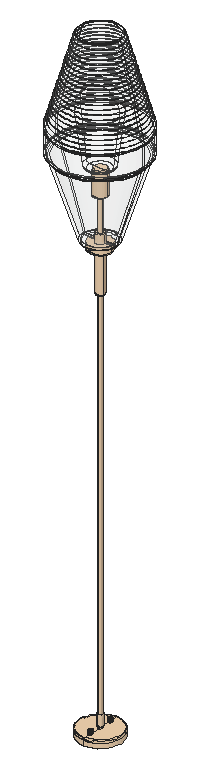
Revit family "Light_Fixture-Pendant-KOHLER-Simplice-K-42195_1", category Lighting Fixtures, host Face, Revit 2021
Family settings
  Host = Face
  Round Connector Dimension = Use Diameter
  Part Type = Normal
  OmniClass Number = 23.35.47.00
  Cut with Voids When Loaded = No
  Light Source = Yes
  Shared = No
  Room Calculation Point = No
Parameters (values of type "2GL-Brushed Modern Brass")
  Width = 10"  # constant formula
  Wattage Comments = "60W"  # constant formula
  Wattage = 60 W
  WaterSense Certified = 1 = 0  # no
  built-in parameter 1150110 = 1 (stored number, unit not read)
  Voltage = 120 V  # constant formula
  URL = "https://www.us.kohler.com/us/"
  Type = 1
  Tube Height [instance] = Height - 26.25984"  # 44.44882"
  built-in parameter 1114217 = 1 (stored number, unit not read)
  built-in parameter 1150109 = 1 (stored number, unit not read)
  built-in parameter 1150134 = 1
  built-in parameter 1150113 = 1 (stored number, unit not read)
  Product Page URL = "http://www.us.kohler.com/us/catalog/productDetails.jsp?productNumber=42195-PE01"
  Product Name = "Simplice\r\n"  # constant formula
  Product Documentation Link = "https://www.us.kohler.com/webassets/kpna/catalog/pdf/en/K-42195-PE01_spec_US-CA_Kohler_en.pdf"
  Model = if(Type = 1, "K-42195-PE01-2GL", if(Type = 2, "K-42195-PE01-BLL", if(Type = 3, "K-42195-PE01-BNL", if(Type = 4, "K-42195-PE01-CPL", "NA"))))  # "K-42195-PE01-2GL"
  Material = "Premium Metal Construction\r\n"  # constant formula
  Master Format 2014 Name = "Interior Lighting Fixtures, Lamps, And Ballasts"  # constant formula
  Master Format 2014 = "26 51 13"  # constant formula
  Manufacturer Address = "444 Highland Dr, Kohler, WI 53044"  # constant formula
  Manufacturer = "Kohler Co."  # constant formula
  built-in parameter 1150105 = 95.493 (stored number, unit not read)
  Lumens = 1200 lm
  built-in parameter 1150115 = 1 (stored number, unit not read)
  Light Source Symbol Size = 3.93701"  # constant formula
  built-in parameter 1150137 = (empty or 0)
  built-in parameter 1150139 = (empty or 0)
  Length = 10"  # constant formula
  built-in parameter 1150112 = 1 (stored number, unit not read)
  built-in parameter 1150114 = 1 (stored number, unit not read)
  Lamp = "E26, 60W"  # constant formula
  built-in parameter 1150132 = (empty or 0)
  built-in parameter 1150102 = (empty or 0)
  built-in parameter 1150107 = 6500 (stored number, unit not read)
  built-in parameter 1150138 = (empty or 0)
  built-in parameter 1150106 = 0.95493 (stored number, unit not read)
  Height [instance] = 70.70866"
  Hardware Included = 0 = 1  # no
  Finish = KOHLER-Metal-2GL-Brushed_Modern_Brass
  Environmental Product Declaration = ""
  Emit from Line Length = 7.87402"
  Electrical Note = "One circuit required"  # constant formula
  Electrical Connector = 1 = 1  # yes
  built-in parameter 1150104 = 1.8581 (stored number, unit not read)
  Dimming Lamp Color Temperature Shift = Incandescent Lamp Curve
  Description = "DIAMOND TEXTURE CLEAR MINI"  # constant formula
  Default Elevation = 0"
  Declare Label = ""
  Date Modified = "03/10/2024"  # constant formula
  Date Created = "03/10/2024"  # constant formula
  Copyright = "Copyright Kohler Co."  # constant formula
  Contact Us = "https://www.us.kohler.com/us/static/contact.jsp"
  Color Filter = 16777215
  built-in parameter 1114218 = 1 (stored number, unit not read)
  built-in parameter 1150133 = 10 (stored number, unit not read)
  Assembly Code = "D5040.50"
  Apparent Load = 60 VA  # constant formula
  ADA Compliant = 1 = 0  # no
Reference planes (in)
  plane 1 "Center (Front/Back)": y = 0
  plane 2: z = 0
  plane 3 "Center (Left/Right)": x = 0
  plane 4: y = 2.3622
  plane 5: y = -2.3622
  plane 6: y = 3
  plane 7: y = 1.49606
  plane 8: y = -1.49606
  plane 9: y = -3
  plane 10: z = 62.06024
  plane 11: x = -2.3622
  plane 12: x = 2.3622
  plane 13: x = -5
  plane 14: x = 5
  plane 15: z = 70.70866
  plane 16: z = 44.44882
  plane 17: z = 49.70866
  plane 18: z = 48.96063
  plane 19: z = 62.06024
  plane 20: y = -5
  plane 21: y = 5
  plane 22: y = 0.24409
  plane 23: y = -0.24409
  plane 24: x = -0.25
  plane 25: x = 0.25
  plane 26: z = 0.7874
Dimensions and locks (in)
  plane 5 to plane 4 = 4.72441"
  plane 15 to plane 16 = 26.25984"
  plane 15 to plane 18 = 21.74803"
  plane 15 to plane 17 = 21"
  plane 15 to plane 19 = 8 83/128"
  "Length": plane 20 to plane 21
  "Width": plane 13 to plane 14
  "Tube Height": plane 16 to level
  "Height": plane 15 to level
  plane 24 to plane 25 = 1/2"
  plane 26 to level = 0.7874"
  aligned and locked: plane 2 to host face
  aligned and locked: level to host face
  aligned and locked: nested 1 to host face
  aligned and locked: nested 1 to plane 16
  aligned and locked: nested 2 to plane 16
  aligned and locked: plane 15 to nested 2
  aligned and locked: plane 10 to plane 19
  aligned and locked: plane 22 to nested 1
  aligned and locked: plane 19 to imposter light
Automatic sketch dimensions
  host sketch curve to host sketch curve = 96"  (x2)
Nested families (in)
  nested 1: "K-42195_Tube" at (0, 0, 0), type "K-42195_Tube"
  nested 2: "K-42195" at (0, 8.60801, 44.44882), type "K-42195"
Connectors (in)
  electrical at (0, 0, 0), driven by "Voltage", driven by "Apparent Load", driven by "Electrical Connector", driven by "Electrical Note"
    settings: on nested 1, index 1, voltage 120 V, apparent load 60 VA, apparent load phase1 0 VA, apparent load phase2 0 VA, apparent load phase3 0 VA, power factor 1, load classification "Lighting", number of poles 1, system type 30, power factor state 1, is connector primary yes, connector utility yes, sub classification motor no, connector description "One circuit required"
Definition of nested family "K-42195_Tube"
  Parameters (values of type "K-42195_Tube")
    Tube Height = 44.44882"
    Material = none
    Default Elevation = 0"
  Reference planes (in)
    plane 1 "Light Source Axis (F/B)": y = 0
    plane 2: z = 0
    plane 3 "Light Source Axis (L/R)": x = 0
    plane 4 "Light Source Elevation": z = 54
    plane 5: y = 2.3622
    plane 6: x = -2.3622
    plane 7: z = 0.7874
    plane 8: z = 56.9815
    plane 9: z = 44.44882
    plane 10: y = 1.9685
    plane 11: y = -1.9685
    plane 12: y = 1.37795
    plane 13: y = -1.37795
    plane 14: x = -1.37795
    plane 15: z = 0
    plane 16: x = 2.3622
    plane 17: y = -2.5
    plane 18: y = -2.3622
    plane 19: x = -0.25
    plane 20: x = 0.25
    plane 21: y = 0.24409
    plane 22: y = -0.24409
  Forms (in)
    Revolve 1, solid, material <- "Material"
      sketch origin (0, 0, 0) x (0, 1, 0) y (0, 0, 1)
        loop
          line (0, 0) -> (2.3622, 0) -> (2.3622, 0.5315) -> (2.3622, 0.72835)
          arc (2.3622, 0.72835) -> (2.34491, 0.7701) -> (2.30315, 0.7874) r 0.05906
          line (2.30315, 0.7874) -> (0.23622, 0.7874) -> (0.18701, 0.7874) -> (0.18701, 0.91113)
          arc (0.18701, 0.91113) -> (0.26507, 0.96297) -> (0.29528, 1.05168) r 0.14537
          line (0.29528, 1.05168) -> (0.29528, 2.16978) -> (0, 2.16978) -> (0, 0.91113) -> (0, 0.7874) -> (0, 0)
        axis (0, 0) -> (0, 2.16978)
      angle from 0 to 360
    Revolve 2, solid, material <- "Material", detail levels medium+fine
      sketch origin (0, 0, 0) x (0, 1, 0) y (0, 0, 1)
        loop
          line (1.37795, 0.7874) -> (1.57426, 0.7874) -> (1.57426, 1.13179) -> (1.37795, 1.13179) -> (1.37795, 0.7874)
        axis (1.37795, 0.7874) -> (1.37795, 1.13179)
      angle from 0 to 360
    Revolve 3, solid, material <- "Material"
      sketch origin (0, 0, 0) x (0, 1, 0) y (0, 0, 1)
        loop
          line (0, 2.11995) -> (0.18403, 2.11995) -> (0.18403, 44.44882) -> (0, 44.44882) -> (0, 2.11995)
        axis (0, 2.11995) -> (0, 44.44882)
      angle from 0 to 360
    Revolve 4, solid, material <- "Material", detail levels coarse
      sketch origin (0, 0, 0) x (0, 1, 0) y (0, 0, 1)
        loop
          line (1.37795, 0.74878) -> (1.5748, 0.74878) -> (1.5748, 1.13379) -> (1.37795, 1.13379) -> (1.37795, 0.74878)
        axis (1.37795, 0.74878) -> (1.37795, 1.13379)
      angle from 0 to 360
    Revolve 5, solid, material <- "Material", detail levels coarse
      sketch origin (0, 0, 0) x (0, 1, 0) y (0, 0, 1)
        loop
          line (-1.37795, 1.14722) -> (-1.37795, 0.7874) -> (-1.1811, 0.7874) -> (-1.1811, 1.14722) -> (-1.37795, 1.14722)
        axis (-1.37795, 0.7874) -> (-1.37795, 1.14722)
      angle from 0 to 360
    Extrusion 6, void
      sketch origin (0, 0, 0) x (1, 0, 0) y (0, 1, 0)
        loop
          line (-0.01207, 1.57389) -> (0, 1.54539) -> (0.01207, 1.57389) -> (0.01207, 1.63089) -> (-0.01207, 1.57389)
      from 0.76683 to 1.41914
    Extrusion 7, void
      sketch origin (-0.37982, 0.05338, 0) x (0.961262, -0.275637, 0) y (0.275637, 0.961262, 0)
        loop
          line (-0.01207, 1.57389) -> (0, 1.54539) -> (0.01207, 1.57389) -> (0.01207, 1.63089) -> (-0.01207, 1.57389)
      from 0.7874 to 1.41914
    Extrusion 8, void
      sketch origin (-0.70252, 0.19253, 0) x (0.860276, -0.509829, 0) y (0.509829, 0.860276, 0)
        loop
          line (-0.01207, 1.57389) -> (0, 1.54539) -> (0.01207, 1.57389) -> (0.01207, 1.63089) -> (-0.01207, 1.57389)
      from 0.76683 to 1.41914
    Extrusion 9, void
      sketch origin (-1.00205, 0.4321, 0) x (0.686422, -0.727203, 0) y (0.727203, 0.686422, 0)
        loop
          line (-0.01207, 1.57389) -> (0, 1.54539) -> (0.01207, 1.57389) -> (0.01207, 1.63089) -> (-0.01207, 1.57389)
      from 0.76683 to 1.41914
    Extrusion 10, void
      sketch origin (-1.20731, 0.71376, 0) x (0.482017, -0.876162, 0) y (0.876162, 0.482017, 0)
        loop
          line (-0.01207, 1.57389) -> (0, 1.54539) -> (0.01207, 1.57389) -> (0.01207, 1.63089) -> (-0.01207, 1.57389)
      from 0.73506 to 1.41914
    Extrusion 11, void
      sketch origin (-1.34362, 1.07227, 0) x (0.221841, -0.975083, 0) y (0.975083, 0.221841, 0)
        loop
          line (-0.01207, 1.57389) -> (0, 1.54539) -> (0.01207, 1.57389) -> (0.01207, 1.63089) -> (-0.01207, 1.57389)
      from 0.73506 to 1.41914
    Extrusion 12, void
      sketch origin (-1.37725, 1.42208, 0) x (-0.032025, -0.999487, 0) y (0.999487, -0.032025, 0)
        loop
          line (-0.01207, 1.57389) -> (0, 1.54539) -> (0.01207, 1.57389) -> (0.01207, 1.63089) -> (-0.01207, 1.57389)
      from 0.76683 to 1.41914
    Extrusion 13, void
      sketch origin (-1.31173, 1.79999, 0) x (-0.306281, -0.951941, 0) y (0.951941, -0.306281, 0)
        loop
          line (-0.01207, 1.57389) -> (0, 1.54539) -> (0.01207, 1.57389) -> (0.01207, 1.63089) -> (-0.01207, 1.57389)
      from 0.7874 to 1.41914
    Extrusion 14, void
      sketch origin (-1.11101, 2.19307, 0) x (-0.591539, -0.806276, 0) y (0.806276, -0.591539, 0)
        loop
          line (-0.01207, 1.57389) -> (0, 1.54539) -> (0.01207, 1.57389) -> (0.01207, 1.63089) -> (-0.01207, 1.57389)
      from 0.7874 to 1.41914
    Extrusion 15, void
      sketch origin (-0.8433, 2.46773, 0) x (-0.790864, -0.611992, 0) y (0.611992, -0.790864, 0)
        loop
          line (-0.01207, 1.57389) -> (0, 1.54539) -> (0.01207, 1.57389) -> (0.01207, 1.63089) -> (-0.01207, 1.57389)
      from 0.73506 to 1.41914
    Extrusion 16, void
      sketch origin (-0.54021, 2.6456, 0) x (-0.91995, -0.392037, 0) y (0.392037, -0.91995, 0)
        loop
          line (-0.01207, 1.57389) -> (0, 1.54539) -> (0.01207, 1.57389) -> (0.01207, 1.63089) -> (-0.01207, 1.57389)
      from 0.7874 to 1.41914
    Extrusion 17, void
      sketch origin (-0.16987, 2.74539, 0) x (-0.992372, -0.123277, 0) y (0.123277, -0.992372, 0)
        loop
          line (-0.01207, 1.57389) -> (0, 1.54539) -> (0.01207, 1.57389) -> (0.01207, 1.63089) -> (-0.01207, 1.57389)
      from 0.76683 to 1.41914
    Extrusion 18, void
      sketch origin (0.17864, 2.74428, 0) x (-0.99156, 0.129645, 0) y (-0.129645, -0.99156, 0)
        loop
          line (-0.01207, 1.57389) -> (0, 1.54539) -> (0.01207, 1.57389) -> (0.01207, 1.63089) -> (-0.01207, 1.57389)
      from 0.76683 to 1.41914
    Extrusion 19, void
      sketch origin (0.54833, 2.64211, 0) x (-0.917414, 0.397934, 0) y (-0.397934, -0.917414, 0)
        loop
          line (-0.01207, 1.57389) -> (0, 1.54539) -> (0.01207, 1.57389) -> (0.01207, 1.63089) -> (-0.01207, 1.57389)
      from 0.7874 to 1.41914
    Extrusion 20, void
      sketch origin (1.11622, 2.18592, 0) x (-0.586351, 0.810057, 0) y (-0.810057, -0.586351, 0)
        loop
          line (-0.01207, 1.57389) -> (0, 1.54539) -> (0.01207, 1.57389) -> (0.01207, 1.63089) -> (-0.01207, 1.57389)
      from 0.6758 to 1.41914
    Extrusion 21, void
      sketch origin (1.28186, 1.88352, 0) x (-0.366895, 0.930262, 0) y (-0.930262, -0.366895, 0)
        loop
          line (-0.01207, 1.57389) -> (0, 1.54539) -> (0.01207, 1.57389) -> (0.01207, 1.63089) -> (-0.01207, 1.57389)
      from 0.7874 to 1.41914
    Extrusion 22, void
      sketch origin (1.37155, 1.5106, 0) x (-0.096267, 0.995355, 0) y (-0.995355, -0.096267, 0)
        loop
          line (-0.01207, 1.57389) -> (0, 1.54539) -> (0.01207, 1.57389) -> (0.01207, 1.63089) -> (-0.01207, 1.57389)
      from 0.73506 to 1.41914
    Extrusion 23, void
      sketch origin (1.3605, 1.15935, 0) x (0.158643, 0.987336, 0) y (-0.987336, 0.158643, 0)
        loop
          line (-0.01207, 1.57389) -> (0, 1.54539) -> (0.01207, 1.57389) -> (0.01207, 1.63089) -> (-0.01207, 1.57389)
      from 0.75395 to 1.41914
    Extrusion 24, void
      sketch origin (1.24754, 0.79281, 0) x (0.424644, 0.90536, 0) y (-0.90536, 0.424644, 0)
        loop
          line (-0.01207, 1.57389) -> (0, 1.54539) -> (0.01207, 1.57389) -> (0.01207, 1.63089) -> (-0.01207, 1.57389)
      from 0.75395 to 1.41914
    Extrusion 25, void
      sketch origin (1.06083, 0.49853, 0) x (0.638211, 0.769862, 0) y (-0.769862, 0.638211, 0)
        loop
          line (-0.01207, 1.57389) -> (0, 1.54539) -> (0.01207, 1.57389) -> (0.01207, 1.63089) -> (-0.01207, 1.57389)
      from 0.7874 to 1.41914
    Extrusion 26, void
      sketch origin (0.77734, 0.24019, 0) x (0.82569, 0.564124, 0) y (-0.564124, 0.82569, 0)
        loop
          line (-0.01207, 1.57389) -> (0, 1.54539) -> (0.01207, 1.57389) -> (0.01207, 1.63089) -> (-0.01207, 1.57389)
      from 0.76683 to 1.41914
    Extrusion 27, void
      sketch origin (0.46425, 0.08056, 0) x (0.941535, 0.336915, 0) y (-0.336915, 0.941535, 0)
        loop
          line (-0.01207, 1.57389) -> (0, 1.54539) -> (0.01207, 1.57389) -> (0.01207, 1.63089) -> (-0.01207, 1.57389)
      from 0.69033 to 1.41914
    Revolve 28, solid, material <- "Material", detail levels medium+fine
      sketch origin (0, 0, 0) x (0, -1, 0) y (0, 0, -1)
        loop
          line (1.37795, -0.7874) -> (1.37795, -1.14022) -> (1.57426, -1.14022) -> (1.57426, -0.7874) -> (1.37795, -0.7874)
        axis (1.37795, -0.7874) -> (1.37795, -1.14022)
      angle from 0 to 360
    Extrusion 29, void
      sketch origin (0, 0, 0) x (1, 0, 0) y (0, 1, 0)
        loop
          line (-0.01207, -1.57389) -> (0.01207, -1.63089) -> (0.01207, -1.57389) -> (0, -1.54539) -> (-0.01207, -1.57389)
      from 0.76895 to 1.41914
    Extrusion 30, void
      sketch origin (-0.37982, -0.05338, 0) x (0.961262, 0.275637, 0) y (-0.275637, 0.961262, 0)
        loop
          line (-0.01207, -1.57389) -> (0.01207, -1.63089) -> (0.01207, -1.57389) -> (0, -1.54539) -> (-0.01207, -1.57389)
      from 0.7874 to 1.41914
    Extrusion 31, void
      sketch origin (-0.70252, -0.19253, 0) x (0.860276, 0.509829, 0) y (-0.509829, 0.860276, 0)
        loop
          line (-0.01207, -1.57389) -> (0.01207, -1.63089) -> (0.01207, -1.57389) -> (0, -1.54539) -> (-0.01207, -1.57389)
      from 0.74709 to 1.41914
    Extrusion 32, void
      sketch origin (-1.00205, -0.4321, 0) x (0.686422, 0.727203, 0) y (-0.727203, 0.686422, 0)
        loop
          line (-0.01207, -1.57389) -> (0.01207, -1.63089) -> (0.01207, -1.57389) -> (0, -1.54539) -> (-0.01207, -1.57389)
      from 0.7874 to 1.41914
    Extrusion 33, void
      sketch origin (-1.20731, -0.71376, 0) x (0.482017, 0.876162, 0) y (-0.876162, 0.482017, 0)
        loop
          line (-0.01207, -1.57389) -> (0.01207, -1.63089) -> (0.01207, -1.57389) -> (0, -1.54539) -> (-0.01207, -1.57389)
      from 0.77018 to 1.41914
    Extrusion 34, void
      sketch origin (-1.34362, -1.07227, 0) x (0.221841, 0.975083, 0) y (-0.975083, 0.221841, 0)
        loop
          line (-0.01207, -1.57389) -> (0.01207, -1.63089) -> (0.01207, -1.57389) -> (0, -1.54539) -> (-0.01207, -1.57389)
      from 0.7874 to 1.41914
    Extrusion 35, void
      sketch origin (-1.37725, -1.42208, 0) x (-0.032025, 0.999487, 0) y (-0.999487, -0.032025, 0)
        loop
          line (-0.01207, -1.57389) -> (0.01207, -1.63089) -> (0.01207, -1.57389) -> (0, -1.54539) -> (-0.01207, -1.57389)
      from 0.7874 to 1.41914
    Extrusion 36, void
      sketch origin (-1.31173, -1.79999, 0) x (-0.306281, 0.951941, 0) y (-0.951941, -0.306281, 0)
        loop
          line (-0.01207, -1.57389) -> (0.01207, -1.63089) -> (0.01207, -1.57389) -> (0, -1.54539) -> (-0.01207, -1.57389)
      from 0.7874 to 1.41914
    Extrusion 37, void
      sketch origin (-1.11101, -2.19307, 0) x (-0.591539, 0.806276, 0) y (-0.806276, -0.591539, 0)
        loop
          line (-0.01207, -1.57389) -> (0.01207, -1.63089) -> (0.01207, -1.57389) -> (0, -1.54539) -> (-0.01207, -1.57389)
      from 0.77018 to 1.41914
    Extrusion 38, void
      sketch origin (-0.8433, -2.46773, 0) x (-0.790864, 0.611992, 0) y (-0.611992, -0.790864, 0)
        loop
          line (-0.01207, -1.57389) -> (0.01207, -1.63089) -> (0.01207, -1.57389) -> (0, -1.54539) -> (-0.01207, -1.57389)
      from 0.7874 to 1.41914
    Extrusion 39, void
      sketch origin (-0.54021, -2.6456, 0) x (-0.91995, 0.392037, 0) y (-0.392037, -0.91995, 0)
        loop
          line (-0.01207, -1.57389) -> (0.01207, -1.63089) -> (0.01207, -1.57389) -> (0, -1.54539) -> (-0.01207, -1.57389)
      from 0.7874 to 1.41914
    Extrusion 40, void
      sketch origin (-0.16987, -2.74539, 0) x (-0.992372, 0.123277, 0) y (-0.123277, -0.992372, 0)
        loop
          line (-0.01207, -1.57389) -> (0.01207, -1.63089) -> (0.01207, -1.57389) -> (0, -1.54539) -> (-0.01207, -1.57389)
      from 0.76895 to 1.41914
    Extrusion 41, void
      sketch origin (0.17864, -2.74428, 0) x (-0.99156, -0.129645, 0) y (0.129645, -0.99156, 0)
        loop
          line (-0.01207, -1.57389) -> (0.01207, -1.63089) -> (0.01207, -1.57389) -> (0, -1.54539) -> (-0.01207, -1.57389)
      from 0.7874 to 1.41914
    Extrusion 42, void
      sketch origin (0.54833, -2.64211, 0) x (-0.917414, -0.397934, 0) y (0.397934, -0.917414, 0)
        loop
          line (-0.01207, -1.57389) -> (0.01207, -1.63089) -> (0.01207, -1.57389) -> (0, -1.54539) -> (-0.01207, -1.57389)
      from 0.77018 to 1.41914
    Extrusion 43, void
      sketch origin (0.85027, -2.46229, 0) x (-0.786919, -0.617057, 0) y (0.617057, -0.786919, 0)
        loop
          line (-0.01207, -1.57389) -> (0.01207, -1.63089) -> (0.01207, -1.57389) -> (0, -1.54539) -> (-0.01207, -1.57389)
      from 0.74709 to 1.41914
    Extrusion 44, void
      sketch origin (1.11622, -2.18592, 0) x (-0.586351, -0.810057, 0) y (0.810057, -0.586351, 0)
        loop
          line (-0.01207, -1.57389) -> (0.01207, -1.63089) -> (0.01207, -1.57389) -> (0, -1.54539) -> (-0.01207, -1.57389)
      from 0.74709 to 1.41914
    Extrusion 45, void
      sketch origin (1.28186, -1.88352, 0) x (-0.366895, -0.930262, 0) y (0.930262, -0.366895, 0)
        loop
          line (-0.01207, -1.57389) -> (0.01207, -1.63089) -> (0.01207, -1.57389) -> (0, -1.54539) -> (-0.01207, -1.57389)
      from 0.7874 to 1.41914
    Extrusion 46, void
      sketch origin (1.37155, -1.5106, 0) x (-0.096267, -0.995355, 0) y (0.995355, -0.096267, 0)
        loop
          line (-0.01207, -1.57389) -> (0.01207, -1.63089) -> (0.01207, -1.57389) -> (0, -1.54539) -> (-0.01207, -1.57389)
      from 0.7874 to 1.41914
    Extrusion 47, void
      sketch origin (1.3605, -1.15935, 0) x (0.158643, -0.987336, 0) y (0.987336, 0.158643, 0)
        loop
          line (-0.01207, -1.57389) -> (0.01207, -1.63089) -> (0.01207, -1.57389) -> (0, -1.54539) -> (-0.01207, -1.57389)
      from 0.7874 to 1.41914
    Extrusion 48, void
      sketch origin (1.24754, -0.79281, 0) x (0.424644, -0.90536, 0) y (0.90536, 0.424644, 0)
        loop
          line (-0.01207, -1.57389) -> (0.01207, -1.63089) -> (0.01207, -1.57389) -> (0, -1.54539) -> (-0.01207, -1.57389)
      from 0.7874 to 1.41914
    Extrusion 49, void
      sketch origin (1.06083, -0.49853, 0) x (0.638211, -0.769862, 0) y (0.769862, 0.638211, 0)
        loop
          line (-0.01207, -1.57389) -> (0.01207, -1.63089) -> (0.01207, -1.57389) -> (0, -1.54539) -> (-0.01207, -1.57389)
      from 0.7874 to 1.41914
    Extrusion 50, void
      sketch origin (0.77734, -0.24019, 0) x (0.82569, -0.564124, 0) y (0.564124, 0.82569, 0)
        loop
          line (-0.01207, -1.57389) -> (0.01207, -1.63089) -> (0.01207, -1.57389) -> (0, -1.54539) -> (-0.01207, -1.57389)
      from 0.7874 to 1.41914
    Extrusion 51, void
      sketch origin (0.46425, -0.08056, 0) x (0.941535, -0.336915, 0) y (0.336915, 0.941535, 0)
        loop
          line (-0.01207, -1.57389) -> (0.01207, -1.63089) -> (0.01207, -1.57389) -> (0, -1.54539) -> (-0.01207, -1.57389)
      from 0.7874 to 1.41914
    Extrusion 52, solid, material <- "Material", detail levels medium+fine
      sketch origin (0, 0, 0) x (1, 0, 0) y (0, 1, 0)
        loop
          circle (0, 0) r 0.18403
      from 0 to 0.21698
  Cuts and joins
    Extrusion 6, Extrusion 7, Extrusion 8, Extrusion 9, Extrusion 10, Extrusion 11, Extrusion 12, Extrusion 13, Extrusion 14, Extrusion 15, Extrusion 16, Extrusion 17, Extrusion 18, Extrusion 19, Extrusion 20, Extrusion 21, Extrusion 22, Extrusion 23, Extrusion 24, Extrusion 25, Extrusion 26, Extrusion 27, Extrusion 29, Extrusion 30, Extrusion 31, Extrusion 32, Extrusion 33, Extrusion 34, Extrusion 35, Extrusion 36, Extrusion 37, Extrusion 38, Extrusion 39, Extrusion 40, Extrusion 41, Extrusion 42, Extrusion 43, Extrusion 44, Extrusion 45, Extrusion 46, Extrusion 47, Extrusion 48, Extrusion 49, Extrusion 50, Extrusion 51 cuts Revolve 2
    Extrusion 29 cuts Revolve 4
    Extrusion 29, Extrusion 30, Extrusion 31, Extrusion 32, Extrusion 33, Extrusion 34, Extrusion 35, Extrusion 36, Extrusion 37, Extrusion 38, Extrusion 39, Extrusion 40, Extrusion 41, Extrusion 42, Extrusion 43, Extrusion 44, Extrusion 45, Extrusion 46, Extrusion 47, Extrusion 48, Extrusion 49, Extrusion 50, Extrusion 51 cuts Revolve 28
  Lines and regions (in)
    Masking region 1
      outline origin (0, 0, 0) x (1, 0, 0) y (0, 0, 1)
        loop
          line (0, 44.44882) -> (-0.25, 44.44882) -> (-0.25, 2.20472) -> (-0.36124, 2.20472) -> (-0.36124, 1.04607)
          arc (-0.36124, 1.04607) -> (-0.33393, 0.96108) -> (-0.26222, 0.90792) r 0.14588
          line (-0.26222, 0.90792) -> (-0.26222, 0.7874) -> (-2.30315, 0.7874)
          arc (-2.30315, 0.7874) -> (-2.34491, 0.7701) -> (-2.3622, 0.72835) r 0.05906
          line (-2.3622, 0.72835) -> (-2.3622, 0.63016) -> (-2.3622, 0) -> (0, 0) -> (2.3622, 0) -> (2.3622, 0.63016) -> (2.3622, 0.72835)
          arc (2.3622, 0.72835) -> (2.34491, 0.7701) -> (2.30315, 0.7874) r 0.05906
          line (2.30315, 0.7874) -> (0.26222, 0.7874) -> (0.26222, 0.90792)
          arc (0.26222, 0.90792) -> (0.33393, 0.96108) -> (0.36124, 1.04607) r 0.14588
          line (0.36124, 1.04607) -> (0.36124, 2.20472) -> (0.25, 2.20472) -> (0.25, 44.44882) -> (0, 44.44882)
    Masking region 2
      outline origin (0, 0, 0) x (0, 1, 0) y (0, 0, 1)
        loop
          line (0, 0) -> (2.3622, 0) -> (2.3622, 0.62992) -> (2.3622, 0.72835)
          arc (2.3622, 0.72835) -> (2.34491, 0.7701) -> (2.30315, 0.7874) r 0.05906
          line (2.30315, 0.7874) -> (1.54702, 0.7874) -> (1.57498, 0.84737) -> (1.57498, 1.08018) -> (1.54326, 1.12502) -> (1.37795, 1.12502) -> (1.21265, 1.12502) -> (1.18092, 1.08018) -> (1.18092, 0.84737) -> (1.20889, 0.7874) -> (0.24409, 0.7874) -> (0.24409, 0.93863)
          arc (0.24409, 0.93863) -> (0.32451, 0.99567) -> (0.35534, 1.08933) r 0.15769
          line (0.35534, 1.08933) -> (0.35534, 2.1671) -> (0.24409, 2.1671) -> (0.24409, 44.44882) -> (0, 44.44882) -> (-0.24409, 44.44882) -> (-0.24409, 2.1671) -> (-0.35534, 2.1671) -> (-0.35534, 1.08538)
          arc (-0.35534, 1.08538) -> (-0.32438, 0.99334) -> (-0.24409, 0.93872) r 0.1523
          line (-0.24409, 0.93872) -> (-0.24409, 0.7874) -> (-1.20889, 0.7874) -> (-1.18092, 0.84737) -> (-1.18092, 1.08018) -> (-1.21265, 1.12502) -> (-1.37795, 1.12502) -> (-1.54326, 1.12502) -> (-1.57498, 1.08018) -> (-1.57498, 0.84737) -> (-1.54702, 0.7874) -> (-2.30315, 0.7874)
          arc (-2.30315, 0.7874) -> (-2.34491, 0.7701) -> (-2.3622, 0.72835) r 0.05906
          line (-2.3622, 0.72835) -> (-2.3622, 0.62992) -> (-2.3622, 0) -> (0, 0)
    symbolic lines, detail levels medium+fine
      curve 1: line (-2.3622, 0, 0.72835) -> (2.3622, 0, 0.72835)
      curve 2: line (-0.30779, 0, 0.7874) -> (0.28276, 0, 0.7874)
      curve 3: line (0.17407, 0, 1.08165) -> (-0.17407, 0, 1.08165)
      curve 4: line (-0.19625, 0, 0.82183) -> (-0.19625, 0, 1.04707)
      curve 5: line (0.19625, 0, 0.82183) -> (0.19625, 0, 1.04923)
      curve 6: line (0.25, 0, 2.20472) -> (-0.27309, 0, 2.20472)
      curve 7: line (-0.18636, 0, 0.82579) -> (-0.18636, 0, 1.04842)
      curve 8: line (-0.17069, 0, 1.04842) -> (-0.17069, 0, 0.82579)
      curve 9: line (-0.15488, 0, 0.82579) -> (-0.15488, 0, 1.04842)
      curve 10: arc (-0.18636, 0, 1.04842) -> (-0.17923, 0, 1.06577) -> (-0.16537, 0, 1.0784) r 0.04274
      curve 11: arc (-0.17377, 0, 1.04842) -> (-0.17163, 0, 1.06399) -> (-0.16537, 0, 1.0784) r 0.05767
      curve 12: arc (-0.17069, 0, 1.04842) -> (-0.16461, 0, 1.06716) -> (-0.14867, 0, 1.07873) r 0.03187
      curve 13: arc (-0.15488, 0, 1.04842) -> (-0.15331, 0, 1.06389) -> (-0.14867, 0, 1.07873) r 0.07709
      curve 14: arc (-0.18636, 0, 0.82579) -> (-0.17923, 0, 0.80844) -> (-0.16537, 0, 0.79581) r 0.04274
      curve 15: arc (-0.17377, 0, 0.82579) -> (-0.17163, 0, 0.81022) -> (-0.16537, 0, 0.79581) r 0.05767
      curve 16: arc (-0.17069, 0, 0.82579) -> (-0.16461, 0, 0.80706) -> (-0.14867, 0, 0.79548) r 0.03187
      curve 17: arc (-0.15488, 0, 0.82579) -> (-0.15331, 0, 0.81032) -> (-0.14867, 0, 0.79548) r 0.07709
      curve 18: line (-0.13922, 0, 1.04842) -> (-0.13922, 0, 0.82579)
      curve 19: arc (-0.15181, 0, 1.04842) -> (-0.14468, 0, 1.06577) -> (-0.13082, 0, 1.0784) r 0.04274
      curve 20: arc (-0.13922, 0, 1.04842) -> (-0.13708, 0, 1.06399) -> (-0.13082, 0, 1.0784) r 0.05767
      curve 21: arc (-0.15181, 0, 0.82579) -> (-0.14468, 0, 0.80844) -> (-0.13082, 0, 0.79581) r 0.04274
      curve 22: arc (-0.13922, 0, 0.82579) -> (-0.13708, 0, 0.81022) -> (-0.13082, 0, 0.79581) r 0.05767
      curve 23: line (-0.17377, 0, 1.04842) -> (-0.17377, 0, 0.82579)
      curve 24: line (-0.15181, 0, 1.04842) -> (-0.15181, 0, 0.82579)
      curve 25: arc (-0.01575, 0, 1.0482) -> (-0.01128, 0, 1.06482) -> (0, 0, 1.07782) r 0.0384
      curve 26: arc (-0.05527, 0, 1.04964) -> (-0.05891, 0, 1.06556) -> (-0.06876, 0, 1.07857) r 0.03882
      curve 27: arc (-0.06876, 0, 1.07857) -> (-0.08233, 0, 1.06686) -> (-0.08568, 0, 1.04926) r 0.02722
      curve 28: line (-0.11478, 0, 1.07665) -> (-0.11478, 0, 0.79468)
      curve 29: line (-0.13277, 0, 1.04924) -> (-0.13277, 0, 0.8221)
      curve 30: line (-0.08995, 0, 1.07812) -> (-0.08995, 0, 0.79612)
      curve 31: arc (-0.08995, 0, 1.07812) -> (-0.10426, 0, 1.06593) -> (-0.10848, 0, 1.0476) r 0.02995
      curve 32: line (-0.10848, 0, 1.0476) -> (-0.10848, 0, 0.82664)
      curve 33: line (-0.08568, 0, 1.04926) -> (-0.08568, 0, 0.81629)
      curve 34: line (-0.05527, 0, 1.04964) -> (-0.05527, 0, 0.8159)
      curve 35: line (-0.05244, 0, 1.04924) -> (-0.05244, 0, 0.8221)
      curve 36: line (-0.01976, 0, 1.04924) -> (-0.01976, 0, 0.81631)
      curve 37: line (-0.01575, 0, 1.0482) -> (-0.01575, 0, 0.825)
      curve 38: arc (-0.13277, 0, 1.04924) -> (-0.12787, 0, 1.06563) -> (-0.11478, 0, 1.07665) r 0.02988
      curve 39: arc (-0.05244, 0, 1.04924) -> (-0.04942, 0, 1.06192) -> (-0.04101, 0, 1.07187) r 0.02812
      curve 40: arc (-0.01976, 0, 1.04924) -> (-0.0238, 0, 1.06544) -> (-0.03497, 0, 1.07785) r 0.03451
      curve 41: arc (-0.04101, 0, 1.07187) -> (-0.03777, 0, 1.07464) -> (-0.03497, 0, 1.07785) r 0.02947
      curve 42: arc (-0.13277, 0, 0.8221) -> (-0.12787, 0, 0.8057) -> (-0.11478, 0, 0.79468) r 0.02988
      curve 43: arc (-0.08995, 0, 0.79612) -> (-0.10426, 0, 0.80831) -> (-0.10848, 0, 0.82664) r 0.02995
      curve 44: arc (-0.06876, 0, 0.78698) -> (-0.08233, 0, 0.79868) -> (-0.08568, 0, 0.81629) r 0.02722
      curve 45: arc (-0.05527, 0, 0.8159) -> (-0.05891, 0, 0.79999) -> (-0.06876, 0, 0.78698) r 0.03882
      curve 46: arc (-0.01976, 0, 0.81631) -> (-0.0238, 0, 0.80011) -> (-0.03497, 0, 0.7877) r 0.03451
      curve 47: arc (-0.05244, 0, 0.8221) -> (-0.04782, 0, 0.80281) -> (-0.03497, 0, 0.7877) r 0.0426
      curve 48: arc (-0.01575, 0, 0.825) -> (-0.01165, 0, 0.80462) -> (0, 0, 0.7874) r 0.05275
      curve 49: line (0.18636, 0, 0.82579) -> (0.18636, 0, 1.04842)
      curve 50: line (0.17069, 0, 1.04842) -> (0.17069, 0, 0.82579)
      curve 51: line (0.15488, 0, 0.82579) -> (0.15488, 0, 1.04842)
      curve 52: arc (0.18636, 0, 1.04842) -> (0.17923, 0, 1.06577) -> (0.16537, 0, 1.0784) r 0.04274
      curve 53: arc (0.17377, 0, 1.04842) -> (0.17163, 0, 1.06399) -> (0.16537, 0, 1.0784) r 0.05767
      curve 54: arc (0.17069, 0, 1.04842) -> (0.16461, 0, 1.06716) -> (0.14867, 0, 1.07873) r 0.03187
      curve 55: arc (0.15488, 0, 1.04842) -> (0.15331, 0, 1.06389) -> (0.14867, 0, 1.07873) r 0.07709
      curve 56: arc (0.18636, 0, 0.82579) -> (0.17923, 0, 0.80844) -> (0.16537, 0, 0.79581) r 0.04274
      curve 57: arc (0.17377, 0, 0.82579) -> (0.17163, 0, 0.81022) -> (0.16537, 0, 0.79581) r 0.05767
      curve 58: arc (0.17069, 0, 0.82579) -> (0.16461, 0, 0.80706) -> (0.14867, 0, 0.79548) r 0.03187
      curve 59: arc (0.15488, 0, 0.82579) -> (0.15331, 0, 0.81032) -> (0.14867, 0, 0.79548) r 0.07709
      curve 60: line (0.13922, 0, 1.04842) -> (0.13922, 0, 0.82579)
      curve 61: arc (0.15181, 0, 1.04842) -> (0.14468, 0, 1.06577) -> (0.13082, 0, 1.0784) r 0.04274
      curve 62: arc (0.13922, 0, 1.04842) -> (0.13708, 0, 1.06399) -> (0.13082, 0, 1.0784) r 0.05767
      curve 63: arc (0.15181, 0, 0.82579) -> (0.14468, 0, 0.80844) -> (0.13082, 0, 0.79581) r 0.04274
      curve 64: arc (0.13922, 0, 0.82579) -> (0.13708, 0, 0.81022) -> (0.13082, 0, 0.79581) r 0.05767
      curve 65: line (0.17377, 0, 1.04842) -> (0.17377, 0, 0.82579)
      curve 66: line (0.15181, 0, 1.04842) -> (0.15181, 0, 0.82579)
      curve 67: arc (0.01575, 0, 1.0482) -> (0.01128, 0, 1.06482) -> (0, 0, 1.07782) r 0.0384
      curve 68: arc (0.05527, 0, 1.04964) -> (0.05891, 0, 1.06556) -> (0.06876, 0, 1.07857) r 0.03882
      curve 69: arc (0.06876, 0, 1.07857) -> (0.08233, 0, 1.06686) -> (0.08568, 0, 1.04926) r 0.02722
      curve 70: line (0.11478, 0, 1.07665) -> (0.11478, 0, 0.79468)
      curve 71: line (0.13277, 0, 1.04924) -> (0.13277, 0, 0.8221)
      curve 72: line (0.08995, 0, 1.07812) -> (0.08995, 0, 0.79612)
      curve 73: arc (0.08995, 0, 1.07812) -> (0.10426, 0, 1.06593) -> (0.10848, 0, 1.0476) r 0.02995
      curve 74: line (0.10848, 0, 1.0476) -> (0.10848, 0, 0.82664)
      curve 75: line (0.08568, 0, 1.04926) -> (0.08568, 0, 0.81629)
      curve 76: line (0.05527, 0, 1.04964) -> (0.05527, 0, 0.8159)
      curve 77: line (0.05244, 0, 1.04924) -> (0.05244, 0, 0.8221)
      curve 78: line (0.01976, 0, 1.04924) -> (0.01976, 0, 0.81631)
      curve 79: line (0.01575, 0, 1.0482) -> (0.01575, 0, 0.825)
      curve 80: arc (0.13277, 0, 1.04924) -> (0.12787, 0, 1.06563) -> (0.11478, 0, 1.07665) r 0.02988
      curve 81: arc (0.01976, 0, 1.04924) -> (0.0238, 0, 1.06544) -> (0.03497, 0, 1.07785) r 0.03451
      curve 82: arc (0.13277, 0, 0.8221) -> (0.12787, 0, 0.8057) -> (0.11478, 0, 0.79468) r 0.02988
      curve 83: arc (0.08995, 0, 0.79612) -> (0.10426, 0, 0.80831) -> (0.10848, 0, 0.82664) r 0.02995
      curve 84: arc (0.06876, 0, 0.78698) -> (0.08233, 0, 0.79868) -> (0.08568, 0, 0.81629) r 0.02722
      curve 85: arc (0.05527, 0, 0.8159) -> (0.05891, 0, 0.79999) -> (0.06876, 0, 0.78698) r 0.03882
      curve 86: arc (0.01976, 0, 0.81631) -> (0.0238, 0, 0.80011) -> (0.03497, 0, 0.7877) r 0.03451
      curve 87: arc (0.05244, 0, 0.8221) -> (0.04782, 0, 0.80281) -> (0.03497, 0, 0.7877) r 0.0426
      curve 88: arc (0.01575, 0, 0.825) -> (0.01165, 0, 0.80462) -> (0, 0, 0.7874) r 0.05275
      curve 89: arc (0.03497, 0, 1.07785) -> (0.04773, 0, 1.066) -> (0.05244, 0, 1.04924) r 0.03216
      curve 90: line (0, 2.36354, 0.72835) -> (0, -2.36086, 0.72835)
      curve 91: line (0, 1.57498, 0.7874) -> (0, 1.18092, 0.7874)
      curve 92: line (0, 0.24409, 0.7874) -> (0, -0.24409, 0.7874)
      curve 93: line (0, -1.1811, 0.7874) -> (0, -1.5748, 0.7874)
      curve 94: line (0, 0.24669, 0.93946) -> (0, -0.24666, 0.93946)
      curve 95: line (-0.19625, 0, 1.04707) -> (-0.17407, 0, 1.08165)
      curve 96: line (-0.19625, 0, 0.82183) -> (-0.16666, 0, 0.7874)
      curve 97: line (0.19625, 0, 1.04707) -> (0.17407, 0, 1.08165)
      curve 98: line (0.19625, 0, 0.82183) -> (0.16666, 0, 0.7874)
      curve 99: line (0, 0.26112, 2.1671) -> (0, -0.32943, 2.1671)
      curve 100: line (0, 1.39281, 1.08237) -> (0, 1.39281, 0.84097)
      curve 101: line (0, 1.40096, 0.8173) -> (0, 1.40096, 1.08066)
      curve 102: line (0, 1.40096, 1.08066) -> (0, 1.40551, 1.12057)
      curve 103: line (0, 1.40551, 1.12057) -> (0, 1.42501, 1.07876)
      curve 104: line (0, 1.42501, 1.07876) -> (0, 1.42501, 0.85282)
      curve 105: line (-0.26222, 0, 0.90792) -> (-0.19625, 0, 0.90792)
      curve 106: line (0.26222, 0, 0.90792) -> (0.19625, 0, 0.90792)
      curve 107: line (0, 1.40096, 0.8173) -> (0, 1.40243, 0.80441)
      curve 108: line (0, 1.40243, 0.80441) -> (0, 1.42501, 0.85282)
      curve 109: line (0, 1.43111, 0.8173) -> (0, 1.43111, 1.08066)
      curve 110: line (0, 1.43111, 1.08066) -> (0, 1.43566, 1.12057)
      curve 111: line (0, 1.43566, 1.12057) -> (0, 1.45515, 1.07876)
      curve 112: line (0, 1.45515, 1.07876) -> (0, 1.45515, 0.85282)
      curve 113: line (0, 1.43111, 0.8173) -> (0, 1.43258, 0.80441)
      curve 114: line (0, 1.43258, 0.80441) -> (0, 1.45515, 0.85282)
      curve 115: line (0, 1.46007, 0.8173) -> (0, 1.46007, 1.08066)
      curve 116: line (0, 1.46007, 1.08066) -> (0, 1.46461, 1.12057)
      curve 117: line (0, 1.46461, 1.12057) -> (0, 1.48411, 1.07876)
      curve 118: line (0, 1.48411, 1.07876) -> (0, 1.48411, 0.85282)
      curve 119: line (0, 1.46007, 0.8173) -> (0, 1.46153, 0.80441)
      curve 120: line (0, 1.46153, 0.80441) -> (0, 1.48411, 0.85282)
      curve 121: line (0, 1.48878, 0.8173) -> (0, 1.48878, 1.08066)
      curve 122: line (0, 1.48878, 1.08066) -> (0, 1.49332, 1.12057)
      curve 123: line (0, 1.49332, 1.12057) -> (0, 1.51282, 1.07876)
      curve 124: line (0, 1.51282, 1.07876) -> (0, 1.51282, 0.85282)
      curve 125: line (0, 1.48878, 0.8173) -> (0, 1.49025, 0.80441)
      curve 126: line (0, 1.49025, 0.80441) -> (0, 1.51282, 0.85282)
      curve 127: line (0, 1.51843, 0.8173) -> (0, 1.51843, 1.08066)
      curve 128: line (0, 1.51843, 1.08066) -> (0, 1.52297, 1.12057)
      curve 129: line (0, 1.52297, 1.12057) -> (0, 1.54247, 1.07876)
      curve 130: line (0, 1.54247, 1.07876) -> (0, 1.54247, 0.85282)
      curve 131: line (0, 1.51843, 0.8173) -> (0, 1.5199, 0.80441)
      curve 132: line (0, 1.5199, 0.80441) -> (0, 1.54247, 0.85282)
      curve 133: line (0, 1.5483, 0.8173) -> (0, 1.5483, 1.08066)
      curve 134: line (0, 1.5483, 1.08066) -> (0, 1.54268, 1.12063)
      curve 135: line (0, 1.54268, 1.12063) -> (0, 1.57234, 1.07876)
      curve 136: line (0, 1.57234, 1.07876) -> (0, 1.57234, 0.85282)
      curve 137: line (0, 1.5483, 0.8173) -> (0, 1.54977, 0.80441)
      curve 138: line (0, 1.54977, 0.80441) -> (0, 1.57234, 0.85282)
      curve 139: line (0, 1.36309, 1.08237) -> (0, 1.36309, 0.84097)
      curve 140: line (0, 1.35494, 0.80126) -> (0, 1.35494, 1.08066)
      curve 141: line (0, 1.35494, 1.08066) -> (0, 1.3504, 1.12057)
      curve 142: line (0, 1.3504, 1.12057) -> (0, 1.3309, 1.07876)
      curve 143: line (0, 1.3309, 1.07876) -> (0, 1.3309, 0.85282)
      curve 144: line (0, 1.35494, 0.80126) -> (0, 1.3309, 0.85282)
      curve 145: line (0, 1.32479, 0.80126) -> (0, 1.32479, 1.08066)
      curve 146: line (0, 1.32479, 1.08066) -> (0, 1.32025, 1.12057)
      curve 147: line (0, 1.32025, 1.12057) -> (0, 1.30075, 1.07876)
      curve 148: line (0, 1.30075, 1.07876) -> (0, 1.30075, 0.85282)
      curve 149: line (0, 1.32479, 0.80126) -> (0, 1.30075, 0.85282)
      curve 150: line (0, 1.29584, 0.80126) -> (0, 1.29584, 1.08066)
      curve 151: line (0, 1.29584, 1.08066) -> (0, 1.29129, 1.12057)
      curve 152: line (0, 1.29129, 1.12057) -> (0, 1.2718, 1.07876)
      curve 153: line (0, 1.2718, 1.07876) -> (0, 1.2718, 0.85282)
      curve 154: line (0, 1.29584, 0.80126) -> (0, 1.2718, 0.85282)
      curve 155: line (0, 1.26713, 0.80126) -> (0, 1.26713, 1.08066)
      curve 156: line (0, 1.26713, 1.08066) -> (0, 1.26258, 1.12057)
      curve 157: line (0, 1.26258, 1.12057) -> (0, 1.24308, 1.07876)
      curve 158: line (0, 1.24308, 1.07876) -> (0, 1.24308, 0.85282)
      curve 159: line (0, 1.26713, 0.80126) -> (0, 1.24308, 0.85282)
      curve 160: line (0, 1.23748, 0.80126) -> (0, 1.23748, 1.08066)
      curve 161: line (0, 1.23748, 1.08066) -> (0, 1.23293, 1.12057)
      curve 162: line (0, 1.23293, 1.12057) -> (0, 1.21344, 1.07876)
      curve 163: line (0, 1.21344, 1.07876) -> (0, 1.21344, 0.85282)
      curve 164: line (0, 1.23748, 0.80126) -> (0, 1.21344, 0.85282)
      curve 165: line (0, 1.2076, 0.80126) -> (0, 1.2076, 1.08066)
      curve 166: line (0, 1.2076, 1.08066) -> (0, 1.21322, 1.12063)
      curve 167: line (0, 1.21322, 1.12063) -> (0, 1.18356, 1.07876)
      curve 168: line (0, 1.18356, 1.07876) -> (0, 1.18356, 0.85282)
      curve 169: line (0, 1.2076, 0.80126) -> (0, 1.18356, 0.85282)
      curve 170: line (0, 1.39281, 1.08237) -> (0, 1.37795, 1.1181)
      curve 171: line (0, 1.36309, 1.08237) -> (0, 1.37795, 1.1181)
      curve 172: line (0, 1.39281, 0.84097) -> (0, 1.37795, 0.80015)
      curve 173: line (0, 1.36309, 0.84097) -> (0, 1.37795, 0.80015)
      curve 174: line (0, -1.39281, 1.08237) -> (0, -1.39281, 0.84097)
      curve 175: line (0, -1.40096, 0.80126) -> (0, -1.40096, 1.08066)
      curve 176: line (0, -1.40096, 1.08066) -> (0, -1.40551, 1.12057)
      curve 177: line (0, -1.40551, 1.12057) -> (0, -1.42501, 1.07876)
      curve 178: line (0, -1.42501, 1.07876) -> (0, -1.42501, 0.85282)
      curve 179: line (0, -1.40096, 0.80126) -> (0, -1.42501, 0.85282)
      curve 180: line (0, -1.43111, 0.80126) -> (0, -1.43111, 1.08066)
      curve 181: line (0, -1.43111, 1.08066) -> (0, -1.43566, 1.12057)
      curve 182: line (0, -1.43566, 1.12057) -> (0, -1.45515, 1.07876)
      curve 183: line (0, -1.45515, 1.07876) -> (0, -1.45515, 0.85282)
      curve 184: line (0, -1.43111, 0.80126) -> (0, -1.45515, 0.85282)
      curve 185: line (0, -1.46007, 0.80126) -> (0, -1.46007, 1.08066)
      curve 186: line (0, -1.46007, 1.08066) -> (0, -1.46461, 1.12057)
      curve 187: line (0, -1.46461, 1.12057) -> (0, -1.48411, 1.07876)
      curve 188: line (0, -1.48411, 1.07876) -> (0, -1.48411, 0.85282)
      curve 189: line (0, -1.46007, 0.80126) -> (0, -1.48411, 0.85282)
      curve 190: line (0, -1.48878, 0.80126) -> (0, -1.48878, 1.08066)
      curve 191: line (0, -1.48878, 1.08066) -> (0, -1.49332, 1.12057)
      curve 192: line (0, -1.49332, 1.12057) -> (0, -1.51282, 1.07876)
      curve 193: line (0, -1.51282, 1.07876) -> (0, -1.51282, 0.85282)
      curve 194: line (0, -1.48878, 0.80126) -> (0, -1.51282, 0.85282)
      curve 195: line (0, -1.51843, 0.80126) -> (0, -1.51843, 1.08066)
      curve 196: line (0, -1.51843, 1.08066) -> (0, -1.52297, 1.12057)
      curve 197: line (0, -1.52297, 1.12057) -> (0, -1.54247, 1.07876)
      curve 198: line (0, -1.54247, 1.07876) -> (0, -1.54247, 0.85282)
      curve 199: line (0, -1.51843, 0.80126) -> (0, -1.54247, 0.85282)
      curve 200: line (0, -1.5483, 0.80126) -> (0, -1.5483, 1.08066)
      curve 201: line (0, -1.5483, 1.08066) -> (0, -1.54268, 1.12063)
      curve 202: line (0, -1.54268, 1.12063) -> (0, -1.57234, 1.07876)
      curve 203: line (0, -1.57234, 1.07876) -> (0, -1.57234, 0.85282)
      curve 204: line (0, -1.5483, 0.80126) -> (0, -1.57234, 0.85282)
      curve 205: line (0, -1.36309, 1.08237) -> (0, -1.36309, 0.84097)
      curve 206: line (0, -1.35494, 0.80126) -> (0, -1.35494, 1.08066)
      curve 207: line (0, -1.35494, 1.08066) -> (0, -1.3504, 1.12057)
      curve 208: line (0, -1.3504, 1.12057) -> (0, -1.3309, 1.07876)
      curve 209: line (0, -1.3309, 1.07876) -> (0, -1.3309, 0.85282)
      curve 210: line (0, -1.35494, 0.80126) -> (0, -1.3309, 0.85282)
      curve 211: line (0, -1.32479, 0.80126) -> (0, -1.32479, 1.08066)
      curve 212: line (0, -1.32479, 1.08066) -> (0, -1.32025, 1.12057)
      curve 213: line (0, -1.32025, 1.12057) -> (0, -1.30075, 1.07876)
      curve 214: line (0, -1.30075, 1.07876) -> (0, -1.30075, 0.85282)
      curve 215: line (0, -1.32479, 0.80126) -> (0, -1.30075, 0.85282)
      curve 216: line (0, -1.29584, 0.80126) -> (0, -1.29584, 1.08066)
      curve 217: line (0, -1.29584, 1.08066) -> (0, -1.29129, 1.12057)
      curve 218: line (0, -1.29129, 1.12057) -> (0, -1.2718, 1.07876)
      curve 219: line (0, -1.2718, 1.07876) -> (0, -1.2718, 0.85282)
      curve 220: line (0, -1.29584, 0.80126) -> (0, -1.2718, 0.85282)
      curve 221: line (0, -1.26713, 0.80126) -> (0, -1.26713, 1.08066)
      curve 222: line (0, -1.26713, 1.08066) -> (0, -1.26258, 1.12057)
      curve 223: line (0, -1.26258, 1.12057) -> (0, -1.24308, 1.07876)
      curve 224: line (0, -1.24308, 1.07876) -> (0, -1.24308, 0.85282)
      curve 225: line (0, -1.26713, 0.80126) -> (0, -1.24308, 0.85282)
      curve 226: line (0, -1.23748, 0.80126) -> (0, -1.23748, 1.08066)
      curve 227: line (0, -1.23748, 1.08066) -> (0, -1.23293, 1.12057)
      curve 228: line (0, -1.23293, 1.12057) -> (0, -1.21344, 1.07876)
      curve 229: line (0, -1.21344, 1.07876) -> (0, -1.21344, 0.85282)
      curve 230: line (0, -1.23748, 0.80126) -> (0, -1.21344, 0.85282)
      curve 231: line (0, -1.2076, 0.80126) -> (0, -1.2076, 1.08066)
      curve 232: line (0, -1.2076, 1.08066) -> (0, -1.21322, 1.12063)
      curve 233: line (0, -1.21322, 1.12063) -> (0, -1.18356, 1.07876)
      curve 234: line (0, -1.18356, 1.07876) -> (0, -1.18356, 0.85282)
      curve 235: line (0, -1.2076, 0.80126) -> (0, -1.18356, 0.85282)
      curve 236: line (0, -1.39281, 1.08237) -> (0, -1.37795, 1.1181)
      curve 237: line (0, -1.36309, 1.08237) -> (0, -1.37795, 1.1181)
      curve 238: line (0, -1.39281, 0.84097) -> (0, -1.37795, 0.80015)
      curve 239: line (0, -1.36309, 0.84097) -> (0, -1.37795, 0.80015)
  Dimensions and locks (in)
    plane 7 to level = 0.7874"  (x2)
    "Tube Height": plane 9 to level
    plane 16 to plane 6 = 4.72441"  (x2)
    plane 20 to plane 19 = 1/2"
    aligned and locked: level to plane 2
    aligned and locked: plane 9 to Revolve 3 sketch curve
    aligned and locked: Masking region 1 sketch curve to Masking region 1 sketch curve
    aligned and locked: Revolve 3 to Masking region 1 sketch curve
  Automatic sketch dimensions
    Revolve 3 sketch curve to plane 1 "Light Source Axis (F/B)" = 0"  (x2)
    Revolve 3 sketch curve to plane 1 "Light Source Axis (F/B)" = 0.18403"
    Revolve 3 sketch curve to Revolve 3 sketch curve = 0.60835"
    Revolve 4 sketch curve to plane 12 = 0"  (x2)
    Revolve 4 sketch curve to plane 12 = 0.19685"
    Revolve 4 sketch curve to plane 7 = 0.03863"
    plane 7 to Revolve 4 sketch curve = 0.34639"
    Revolve 4 sketch curve to Revolve 4 sketch curve = 0.03623"
    Revolve 4 sketch curve to Revolve 4 sketch curve = 0.23234"
    Revolve 5 sketch curve to plane 13 = 0"  (x2)
    Revolve 5 sketch curve to plane 7 = 0"  (x2)
    Revolve 5 sketch curve to Revolve 5 sketch curve = 0.19685"
    plane 7 to Revolve 5 sketch curve = 0.35982"
    level to Revolve 5 sketch curve = 0.09305"
    Extrusion 6 sketch curve to plane 3 "Light Source Axis (L/R)" = 0"
    Extrusion 6 sketch curve to plane 3 "Light Source Axis (L/R)" = 0.01207"
    plane 3 "Light Source Axis (L/R)" to Extrusion 6 sketch curve = 0.01207"
    Extrusion 6 sketch curve to plane 12 = 0.16744"
    Extrusion 6 sketch curve to Extrusion 6 sketch curve = 0.0285"
    Extrusion 6 sketch curve to Extrusion 6 sketch curve = 0"
    Extrusion 6 sketch curve to Extrusion 6 sketch curve = 0.057"
    plane 3 "Light Source Axis (L/R)" to Extrusion 7 sketch curve = 0.0424"
    Extrusion 7 sketch curve to plane 12 = 0.19167"
    Extrusion 7 sketch curve to Extrusion 7 sketch curve = 0.01207"
    Extrusion 7 sketch curve to Extrusion 7 sketch curve = 0.02414"
    Extrusion 7 sketch curve to Extrusion 7 sketch curve = 0"
    Extrusion 7 sketch curve to Extrusion 7 sketch curve = 0.0285"
    Extrusion 7 sketch curve to Extrusion 7 sketch curve = 0.057"
    plane 3 "Light Source Axis (L/R)" to Extrusion 8 sketch curve = 0.08951"
    Extrusion 8 sketch curve to plane 12 = 0.17471"
    Extrusion 8 sketch curve to Extrusion 8 sketch curve = 0.01207"
    Extrusion 8 sketch curve to Extrusion 8 sketch curve = 0.02414"
    Extrusion 8 sketch curve to Extrusion 8 sketch curve = 0"
    Extrusion 8 sketch curve to Extrusion 8 sketch curve = 0.0285"
    Extrusion 8 sketch curve to Extrusion 8 sketch curve = 0.057"
    plane 3 "Light Source Axis (L/R)" to Extrusion 9 sketch curve = 0.1342"
    Extrusion 9 sketch curve to plane 12 = 0.14327"
    Extrusion 9 sketch curve to Extrusion 9 sketch curve = 0.01207"
    Extrusion 9 sketch curve to Extrusion 9 sketch curve = 0.02414"
    Extrusion 9 sketch curve to Extrusion 9 sketch curve = 0"
    Extrusion 9 sketch curve to Extrusion 9 sketch curve = 0.0285"
    Extrusion 9 sketch curve to Extrusion 9 sketch curve = 0.057"
    Extrusion 10 sketch curve to plane 12 = 0.10502"
    plane 3 "Light Source Axis (L/R)" to Extrusion 10 sketch curve = 0.16585"
    Extrusion 10 sketch curve to Extrusion 10 sketch curve = 0.01207"
    Extrusion 10 sketch curve to Extrusion 10 sketch curve = 0.02414"
    Extrusion 10 sketch curve to Extrusion 10 sketch curve = 0"
    Extrusion 10 sketch curve to Extrusion 10 sketch curve = 0.0285"
    Extrusion 10 sketch curve to Extrusion 10 sketch curve = 0.057"
    Extrusion 11 sketch curve to plane 12 = 0.05524"
    plane 3 "Light Source Axis (L/R)" to Extrusion 11 sketch curve = 0.18838"
    Extrusion 11 sketch curve to Extrusion 11 sketch curve = 0.01207"
    Extrusion 11 sketch curve to Extrusion 11 sketch curve = 0.02414"
    Extrusion 11 sketch curve to Extrusion 11 sketch curve = 0"
    Extrusion 11 sketch curve to Extrusion 11 sketch curve = 0.0285"
    Extrusion 11 sketch curve to Extrusion 11 sketch curve = 0.057"
    Extrusion 12 sketch curve to plane 12 = 0.00579"
    plane 3 "Light Source Axis (L/R)" to Extrusion 12 sketch curve = 0.19622"
    Extrusion 12 sketch curve to Extrusion 12 sketch curve = 0.01207"
    Extrusion 12 sketch curve to Extrusion 12 sketch curve = 0.02414"
    Extrusion 12 sketch curve to Extrusion 12 sketch curve = 0"
    Extrusion 12 sketch curve to Extrusion 12 sketch curve = 0.0285"
    Extrusion 12 sketch curve to Extrusion 12 sketch curve = 0.057"
    plane 12 to Extrusion 13 sketch curve = 0.04852"
    plane 3 "Light Source Axis (L/R)" to Extrusion 13 sketch curve = 0.19022"
    Extrusion 13 sketch curve to Extrusion 13 sketch curve = 0.01207"
    Extrusion 13 sketch curve to Extrusion 13 sketch curve = 0.02414"
    Extrusion 13 sketch curve to Extrusion 13 sketch curve = 0"
    Extrusion 13 sketch curve to Extrusion 13 sketch curve = 0.0285"
    Extrusion 13 sketch curve to Extrusion 13 sketch curve = 0.057"
    plane 12 to Extrusion 14 sketch curve = 0.10617"
    plane 3 "Light Source Axis (L/R)" to Extrusion 14 sketch curve = 0.16512"
    Extrusion 14 sketch curve to Extrusion 14 sketch curve = 0.01207"
    Extrusion 14 sketch curve to Extrusion 14 sketch curve = 0.02414"
    Extrusion 14 sketch curve to Extrusion 14 sketch curve = 0"
    Extrusion 14 sketch curve to Extrusion 14 sketch curve = 0.0285"
    Extrusion 14 sketch curve to Extrusion 14 sketch curve = 0.057"
    plane 3 "Light Source Axis (L/R)" to Extrusion 15 sketch curve = 0.12946"
    plane 12 to Extrusion 15 sketch curve = 0.14757"
    Extrusion 15 sketch curve to Extrusion 15 sketch curve = 0.01207"
    Extrusion 15 sketch curve to Extrusion 15 sketch curve = 0.02414"
    Extrusion 15 sketch curve to Extrusion 15 sketch curve = 0"
    Extrusion 15 sketch curve to Extrusion 15 sketch curve = 0.0285"
    Extrusion 15 sketch curve to Extrusion 15 sketch curve = 0.057"
    plane 3 "Light Source Axis (L/R)" to Extrusion 16 sketch curve = 0.08792"
    plane 12 to Extrusion 16 sketch curve = 0.17552"
    Extrusion 16 sketch curve to Extrusion 16 sketch curve = 0.01207"
    Extrusion 16 sketch curve to Extrusion 16 sketch curve = 0.02414"
    Extrusion 16 sketch curve to Extrusion 16 sketch curve = 0"
    Extrusion 16 sketch curve to Extrusion 16 sketch curve = 0.0285"
    Extrusion 16 sketch curve to Extrusion 16 sketch curve = 0.057"
    plane 3 "Light Source Axis (L/R)" to Extrusion 17 sketch curve = 0.03613"
    plane 12 to Extrusion 17 sketch curve = 0.19296"
    Extrusion 17 sketch curve to Extrusion 17 sketch curve = 0.01207"
    Extrusion 17 sketch curve to Extrusion 17 sketch curve = 0.02414"
    Extrusion 17 sketch curve to Extrusion 17 sketch curve = 0"
    Extrusion 17 sketch curve to Extrusion 17 sketch curve = 0.0285"
    Extrusion 17 sketch curve to Extrusion 17 sketch curve = 0.057"
    Extrusion 18 sketch curve to plane 3 "Light Source Axis (L/R)" = 0.01343"
    plane 12 to Extrusion 18 sketch curve = 0.19585"
    Extrusion 18 sketch curve to Extrusion 18 sketch curve = 0.01207"
    Extrusion 18 sketch curve to Extrusion 18 sketch curve = 0.02414"
    Extrusion 18 sketch curve to Extrusion 18 sketch curve = 0"
    Extrusion 18 sketch curve to Extrusion 18 sketch curve = 0.0285"
    Extrusion 18 sketch curve to Extrusion 18 sketch curve = 0.057"
    Extrusion 19 sketch curve to plane 3 "Light Source Axis (L/R)" = 0.0669"
    plane 12 to Extrusion 19 sketch curve = 0.18456"
    Extrusion 19 sketch curve to Extrusion 19 sketch curve = 0.01207"
    Extrusion 19 sketch curve to Extrusion 19 sketch curve = 0.02414"
    Extrusion 19 sketch curve to Extrusion 19 sketch curve = 0"
    Extrusion 19 sketch curve to Extrusion 19 sketch curve = 0.0285"
    Extrusion 19 sketch curve to Extrusion 19 sketch curve = 0.057"
    plane 12 to Extrusion 20 sketch curve = 0.12467"
    Extrusion 20 sketch curve to plane 3 "Light Source Axis (L/R)" = 0.15164"
    Extrusion 20 sketch curve to Extrusion 20 sketch curve = 0.01207"
    Extrusion 20 sketch curve to Extrusion 20 sketch curve = 0.02414"
    Extrusion 20 sketch curve to Extrusion 20 sketch curve = 0"
    Extrusion 20 sketch curve to Extrusion 20 sketch curve = 0.0285"
    Extrusion 20 sketch curve to Extrusion 20 sketch curve = 0.057"
    plane 12 to Extrusion 21 sketch curve = 0.08312"
    Extrusion 21 sketch curve to plane 3 "Light Source Axis (L/R)" = 0.17784"
    Extrusion 21 sketch curve to Extrusion 21 sketch curve = 0.01207"
    Extrusion 21 sketch curve to Extrusion 21 sketch curve = 0.02414"
    Extrusion 21 sketch curve to Extrusion 21 sketch curve = 0"
    Extrusion 21 sketch curve to Extrusion 21 sketch curve = 0.0285"
    Extrusion 21 sketch curve to Extrusion 21 sketch curve = 0.057"
    plane 12 to Extrusion 22 sketch curve = 0.03088"
    Extrusion 22 sketch curve to plane 3 "Light Source Axis (L/R)" = 0.19387"
    Extrusion 22 sketch curve to Extrusion 22 sketch curve = 0.01207"
    Extrusion 22 sketch curve to Extrusion 22 sketch curve = 0.02414"
    Extrusion 22 sketch curve to Extrusion 22 sketch curve = 0"
    Extrusion 22 sketch curve to Extrusion 22 sketch curve = 0.0285"
    Extrusion 22 sketch curve to Extrusion 22 sketch curve = 0.057"
    Extrusion 23 sketch curve to plane 12 = 0.01917"
    Extrusion 23 sketch curve to plane 3 "Light Source Axis (L/R)" = 0.19537"
    Extrusion 23 sketch curve to Extrusion 23 sketch curve = 0.01207"
    Extrusion 23 sketch curve to Extrusion 23 sketch curve = 0.02414"
    Extrusion 23 sketch curve to Extrusion 23 sketch curve = 0"
    Extrusion 23 sketch curve to Extrusion 23 sketch curve = 0.0285"
    Extrusion 23 sketch curve to Extrusion 23 sketch curve = 0.057"
    Extrusion 24 sketch curve to plane 12 = 0.07228"
    Extrusion 24 sketch curve to plane 3 "Light Source Axis (L/R)" = 0.18252"
    Extrusion 24 sketch curve to Extrusion 24 sketch curve = 0.01207"
    Extrusion 24 sketch curve to Extrusion 24 sketch curve = 0.02414"
    Extrusion 24 sketch curve to Extrusion 24 sketch curve = 0"
    Extrusion 24 sketch curve to Extrusion 24 sketch curve = 0.0285"
    Extrusion 24 sketch curve to Extrusion 24 sketch curve = 0.057"
    Extrusion 25 sketch curve to plane 12 = 0.11576"
    Extrusion 25 sketch curve to plane 3 "Light Source Axis (L/R)" = 0.15855"
    Extrusion 25 sketch curve to Extrusion 25 sketch curve = 0.01207"
    Extrusion 25 sketch curve to Extrusion 25 sketch curve = 0.02414"
    Extrusion 25 sketch curve to Extrusion 25 sketch curve = 0"
    Extrusion 25 sketch curve to Extrusion 25 sketch curve = 0.0285"
    Extrusion 25 sketch curve to Extrusion 25 sketch curve = 0.057"
    Extrusion 26 sketch curve to plane 3 "Light Source Axis (L/R)" = 0.1205"
    Extrusion 26 sketch curve to plane 12 = 0.15497"
    Extrusion 26 sketch curve to Extrusion 26 sketch curve = 0.01207"
    Extrusion 26 sketch curve to Extrusion 26 sketch curve = 0.02414"
    Extrusion 26 sketch curve to Extrusion 26 sketch curve = 0"
    Extrusion 26 sketch curve to Extrusion 26 sketch curve = 0.0285"
    Extrusion 26 sketch curve to Extrusion 26 sketch curve = 0.057"
    Extrusion 27 sketch curve to plane 3 "Light Source Axis (L/R)" = 0.07738"
    Extrusion 27 sketch curve to plane 12 = 0.18042"
    Extrusion 27 sketch curve to Extrusion 27 sketch curve = 0.01207"
    Extrusion 27 sketch curve to Extrusion 27 sketch curve = 0.02414"
    Extrusion 27 sketch curve to Extrusion 27 sketch curve = 0"
    Extrusion 27 sketch curve to Extrusion 27 sketch curve = 0.0285"
    Extrusion 27 sketch curve to Extrusion 27 sketch curve = 0.057"
    Extrusion 29 sketch curve to plane 3 "Light Source Axis (L/R)" = 0"
    Extrusion 29 sketch curve to plane 3 "Light Source Axis (L/R)" = 0.01207"
    plane 3 "Light Source Axis (L/R)" to Extrusion 29 sketch curve = 0.01207"
    Extrusion 29 sketch curve to plane 13 = 0.25294"
    Extrusion 29 sketch curve to Extrusion 29 sketch curve = 0.057"
    Extrusion 29 sketch curve to Extrusion 29 sketch curve = 0"
    Extrusion 29 sketch curve to Extrusion 29 sketch curve = 0.0285"
    plane 3 "Light Source Axis (L/R)" to Extrusion 30 sketch curve = 0.0424"
    Extrusion 30 sketch curve to plane 13 = 0.19167"
